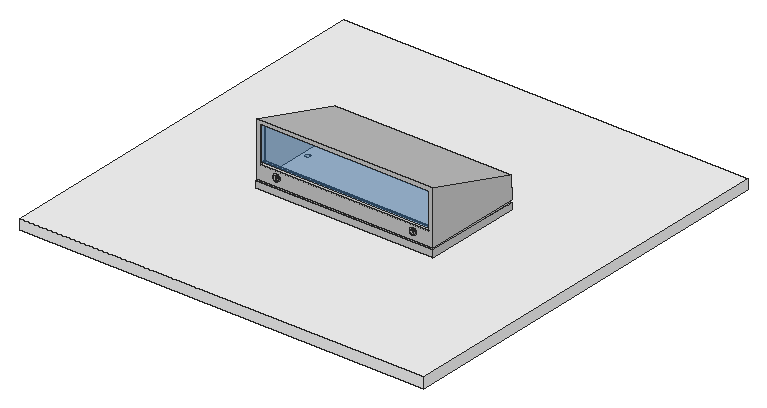
Revit family "BE_22261_de_DE", category Leuchten, Revit 2020
Family settings
  Basisbauteil = Fläche
  Bemaßung runder Anschluss = Durchmesser verwenden
  Teiletyp = Normal
  Beim Laden mit Abzugskörper schneiden = Ja
  Lichtquelle = Ja
  Gemeinsam genutzt = Nein
  Raumberechnungspunkt = Ja
Parameters (values of type "BEGA_22261_Silber_K4")
  built-in parameter 1150104 = 12.387 (stored number, unit not read)
  Wattage = 4.2 W
  Default Elevation = 0 mm
  built-in parameter 1150113 = 1 (stored number, unit not read)
  built-in parameter 1114218 = 1 (stored number, unit not read)
  Umgebungstemperatur = "25 °C"
  URL = "https://www.bega.com/de/produkt/22261"
  Typenkommentare = "© 2022 BEGA. Wir behalten uns das Recht vor, technische Änderungen ohne vorherige Ankündigung vorzunehmen."  # constant formula
  Type Image = 22261.png
  built-in parameter 1150134 = 12
  built-in parameter 1150109 = 1 (stored number, unit not read)
  Strom = ""
  built-in parameter 1150110 = 1 (stored number, unit not read)
  Spannung = 239.996 V
  Sonderanfertigung = no
  Seriennummer [instance] = "Hier können Sie die eindeutige Seriennummer für das Facility Management eintragen."
  Schutzklasse = "I"
  Schutzart = "IP 64"
  Scheinlast = 0 VA
  Produktdatenblatt = "https://cdn.bega.com/bega/products/22261K3/current/documents/data-sheets/de"
  Oberflächentemperatur = ""
  Neigungswinkel = 0.00°
  Modell = "22261AK4"
  Material_10 = BEGA_Glas_matt
  Material_06 = BEGA_Oberfläche_Edelstahl_gebürstet
  Material_02 = BEGA_Oberfläche_Silber_matt
  Material_01 [instance] = BEGA_Oberfläche_Grafit_matt
  M_W = no
  M_G = no
  M_A = yes
  Logo = 0
  built-in parameter 1114217 = 1 (stored number, unit not read)
  built-in parameter 1150139 = (empty or 0)
  built-in parameter 1150105 = 44.562 (stored number, unit not read)
  built-in parameter 1150114 = 1 (stored number, unit not read)
  Lumens = 559.986 lm
  built-in parameter 1150115 = 1 (stored number, unit not read)
  Leuchtenlichtstrom = "443 lm"
  Leuchtenanzahl = ""
  Lebensdauerkriterien = "L70B50 @ 25 °C = 200000 h"
  Lastklassifizierung = Beleuchtung
  built-in parameter 1150112 = 1 (stored number, unit not read)
  Lampenlichtstrom = "700 lm"
  Lampe = "LED 4 W"
  LED_Modulbezeichnung = "2x LED-0234/840"
  built-in parameter 1150142 = (empty or 0)
  Hersteller = "BEGA"  # constant formula
  Halbstreuwinkel = ""
  Gewicht = "0.7 kg"
  Gebrauchslageneinschränkung [instance] = ""
  Frequenz = "0/50-60 Hz"
  Farbwiedergabeindex = "CRI > 80"
  Farbtemperaturverschiebung bei Dämpfen der Lampe = <Keine Auswahl>
  Farbtemperatur = "4000 K"
  Color Filter = 16777215
  built-in parameter 1150133 = 10 (stored number, unit not read)
  Energieeffizienzklasse = "LED A++ - A"
  built-in parameter 1150137 = (empty or 0)
  built-in parameter 1150132 = (empty or 0)
  ENEC = "ja"
  Datei für fotometrisches Netz = "BE_22261K4.IES"
  CE_Konformität = "ja"
  Bestellnummer = "22261AK4"
  Beschreibung_Sonderanfertigung = "Hier können Sie Informationen zur Sonderanfertigung eintragen."
  Beschreibung = "Wandleuchte"
  built-in parameter 1150106 = 0.44562 (stored number, unit not read)
  Befestigungsbohrung = "Ø 4,3 mm"
  Befestigungsabstand = "150 mm"
  Ballwurfsicher = ""
  BEGA_Intern_aus = yes
  BEGA_Intern_an = yes
  BEGA_Intern_Konstruktion = yes
  BEGA_Intern = yes
  BEGA_IES = yes
  BEGA_Dummy = no
  Anschlussleitung = ""
  Anschlussleistung [instance] = "5.2 W"
  built-in parameter 1150107 = 4000 (stored number, unit not read)
  built-in parameter 1150102 = (empty or 0)
  built-in parameter 1150138 = (empty or 0)
  Aktualisierung = "2022-05-18T04:00:07"
  Abstand_zur_angestrahlten_Fläche [instance] = ""
  AC/DC = "AC/DC"
Types (4, lengths in mm): name | built-in parameter 1150134 | Modell | M_G | M_A | Leuchtenlichtstrom | Lampenlichtstrom | LED_Modulbezeichnung | Farbtemperatur | Datei für fotometrisches Netz | Bestellnummer | built-in parameter 1150107
  BEGA_22261_Grafit_K4 | 12 | "22261K4" | yes | no | "443 lm" | "700 lm" | "2x LED-0234/840" | "4000 K" | "BE_22261K4.IES" | "22261K4" | 4000 (stored number, unit not read)
  BEGA_22261_Silber_K4 | 12 | "22261AK4" | no | yes | "443 lm" | "700 lm" | "2x LED-0234/840" | "4000 K" | "BE_22261K4.IES" | "22261AK4" | 4000 (stored number, unit not read)
  BEGA_22261_Silber_K3 | (empty or 0) | "22261AK3" | no | yes | "437 lm" | "690 lm" | "2x LED-0234/830" | "3000 K" | "BE_22261K3.IES" | "22261AK3" | 3000 (stored number, unit not read)
  BEGA_22261_Grafit_K3 | (empty or 0) | "22261K3" | yes | no | "437 lm" | "690 lm" | "2x LED-0234/830" | "3000 K" | "BE_22261K3.IES" | "22261K3" | 3000 (stored number, unit not read)
Reference planes
  plane 1 "Mitte (Vorne/Hinten)": y = 0
  plane 2: z = 0
  plane 3 "Mitte (Links/Rechts)": x = 0
  plane 4 "Links": x = -87.662
  plane 5 "Rechts": x = 87.662
  plane 6 "Unten": y = -48.412
  plane 7 "Oben": y = 48.412
  plane 8 "Vorne": z = 61.226
Forms (mm)
  Extrusion 1, solid, material "BEGA_Platte_Weiss"
    sketch origin (0, -1119.2, 0) x (1, 0, 0) y (0, 1, 0)
      loop
        line (-200, 1319.2) -> (-200, 919.2) -> (200, 919.2) -> (200, 1319.2) -> (-200, 1319.2)
    from 0 to -10
  Extrusion 2, solid, material "BEGA_Dummy_matt", visible <- "BEGA_Dummy"
    sketch origin (80.095, -76.023, 0) x (1, 0, 0) y (0, 1, 0)
      loop
        line (-167.758, 124.435) -> (-167.758, 27.611) -> (7.567, 27.611) -> (7.567, 124.435) -> (-167.758, 124.435)
    from 0 to 61.226
Dimensions and locks
  plane 1 "Mitte (Vorne/Hinten)" to Extrusion 1 = 200 mm
  aligned and locked: plane 2 to Extrusion 1
  aligned and locked: level to Extrusion 1
Nested families
  nested 1: "BE_22261" at (0, 0, 0) x (0, -1, 0) z (0, 0, 1), type "BE_22261"
Connectors
  electrical at (0, 0, 0), driven by "Lastklassifizierung", driven by "Spannung", driven by "Scheinlast"
    settings: index 1, voltage 239.996 V, apparent load 0 VA, apparent load phase1 0 VA, apparent load phase2 0 VA, apparent load phase3 0 VA, power factor 1, load classification "Beleuchtung", number of poles 1, system type 31, power factor state 1, is connector primary yes, connector utility no, sub classification motor no, connector description ""
Definition of nested family "BE_22261"
  Parameters (values of type "BE_22261")
    Default Elevation = 1 mm
    URL = "http://www.bega.de/de/produkt"
    Type Comments = "© 2015 BEGA. Wir behalten uns das Recht vor, technische Änderungen ohne vorherige Ankündigung vorzunehmen. "  # constant formula
    Type Image = (empty or 0)
    Material_17 = none
    Material_15 = none
    Material_11 = none
    Material_10 = none
    Material_09 = none
    Material_06 = none
    Material_03 = none
    Material_02 = none
    Material_01 = none
    M_W = yes
    M_G = yes
    M_A = yes
    Länge_Platte = 200 mm  # constant formula
    Höhe_Platte = -10 mm  # constant formula
    Manufacturer = "BEGA"  # constant formula
    Breite_Platte = 200 mm  # constant formula
  Reference planes
    plane 1 "Mitte (Oben/Unten)": y = 0
    plane 2: z = 0
    plane 3 "Mitte (Links/Rechts)": x = 0
    plane 4 "Vorne": z = 61.226
    plane 5 "Links": x = -48.412
    plane 6 "Oben": y = 87.662
    plane 7: x = 48.412
    plane 8: y = -87.662
  Forms (mm)
    Extrusion 1, solid, detail levels medium
      sketch origin (0, 0, 0) x (1, 0, 0) y (0, 1, 0)
        loop
          line (-100, 100) -> (-100, -100) -> (100, -100) -> (100, 100) -> (-100, 100)
      from 0 to -10 <- "Höhe_Platte"
    Sweep 2, solid, material <- "Material_01", visible <- "M_G", detail levels medium+fine
      path origin (0, 0, 0) x (1, 0, 0) y (0, 1, 0)
        loop
          line (48.412, -87.662) -> (48.412, 87.662) -> (-48.412, 87.662) -> (-48.412, -87.662) -> (48.412, -87.662)
      profile origin (48.412, 0, 0) x (-1, 0, 0) y (0, 0, 1)
        loop
          line (0, 0) -> (6.491, 0) -> (6.962, 9) -> (9.488, 9) -> (9.488, 11.3) -> (4.027, 11.3) -> (1.027, 8.3) -> (1.027, 6.2) -> (0.162, 6.2) -> (0, 0)
    Extrusion 3, solid, material <- "Material_01", visible <- "M_G", detail levels medium+fine
      sketch origin (0, 0, 0) x (1, 0, 0) y (0, 1, 0)
        loop
          line (-38.924, -78.174) -> (38.924, -78.174) -> (38.924, 78.174) -> (-38.924, 78.174) -> (-38.924, -78.174)
      from 9 to 11.3
    Extrusion 4, solid, material <- "Material_01", visible <- "M_G", detail levels medium+fine
      sketch origin (0, 0, 0) x (1, 0, 0) y (0, 0, 1)
        loop
          line (-47.855, 30.924) -> (-48.25, 8.3) -> (-47.385, 8.3) -> (-45.173, 10.512) -> (-44.533, 28.826) -> (43.75, 56.662) -> (43.75, 11.935) -> (47.385, 8.3) -> (48.25, 8.3) -> (48.25, 61.226) -> (-47.855, 30.924)
      from -87.503 to 87.478
    Extrusion 5, solid, material <- "Material_01", visible <- "M_G", detail levels medium+fine
      sketch origin (0, 0, 0) x (1, 0, 0) y (0, 0, 1)
        loop
          line (48.25, 61.226) -> (-47.855, 30.924) -> (-48.25, 8.3) -> (48.25, 8.3) -> (48.25, 61.226)
      from -87.503 to -82.402
    Extrusion 6, solid, material <- "Material_01", visible <- "M_G", detail levels medium+fine
      sketch origin (0, 0, 0) x (1, 0, 0) y (0, 0, -1)
        loop
          line (48.25, -61.226) -> (48.25, -8.3) -> (-48.25, -8.3) -> (-47.855, -30.924) -> (48.25, -61.226)
      from -87.478 to -81.946
    Extrusion 7, void
      sketch origin (0, 0, 0) x (1, 0, 0) y (0, 0, 1)
        loop
          line (48.25, 57.906) -> (43.75, 57.906) -> (43.75, 22.277) -> (48.25, 22.277) -> (48.25, 57.906)
      from -83.496 to 83.496
    Extrusion 8, solid, material <- "Material_10", detail levels medium+fine
      sketch origin (0, 0, 0) x (1, 0, 0) y (0, 0, 1)
        loop
          line (43.76, 57.192) -> (43.76, 23.392) -> (47.76, 23.392) -> (47.76, 57.192) -> (43.76, 57.192)
      from -82.953 to 82.759
    Revolve 9, solid, material <- "Material_06", detail levels fine
      sketch origin (0, -67.515, 0) x (1, 0, 0) y (0, 0, 1)
        loop
          line (47.496, 16.091) -> (47.496, 12.898) -> (48.75, 12.898) -> (48.75, 14.091) -> (49.55, 14.091) -> (49.55, 16.091) -> (47.496, 16.091)
        axis (49.55, 16.091) -> (47.496, 16.091)
      angle from 0 to 360
    Revolve 10, solid, material <- "Material_06", detail levels fine
      sketch origin (0, 67.515, 0) x (1, 0, 0) y (0, 0, -1)
        loop
          line (47.496, -16.091) -> (49.55, -16.091) -> (49.55, -14.091) -> (48.75, -14.091) -> (48.75, -12.898) -> (47.496, -12.898) -> (47.496, -16.091)
        axis (49.55, -16.091) -> (47.496, -16.091)
      angle from 0 to 360
    Sweep 11, solid, material <- "Material_02", visible <- "M_A", detail levels medium+fine
      path origin (0, 0, 0) x (1, 0, 0) y (0, 1, 0)
        loop
          line (48.412, -87.662) -> (48.412, 87.662) -> (-48.412, 87.662) -> (-48.412, -87.662) -> (48.412, -87.662)
      profile origin (48.412, 0, 0) x (-1, 0, 0) y (0, 0, 1)
        loop
          line (0, 0) -> (6.491, 0) -> (6.962, 9) -> (9.488, 9) -> (9.488, 11.3) -> (4.027, 11.3) -> (1.027, 8.3) -> (1.027, 6.2) -> (0.162, 6.2) -> (0, 0)
    Extrusion 12, solid, material <- "Material_02", visible <- "M_A", detail levels medium+fine
      sketch origin (0, 0, 0) x (1, 0, 0) y (0, 1, 0)
        loop
          line (-38.924, -78.174) -> (38.924, -78.174) -> (38.924, 78.174) -> (-38.924, 78.174) -> (-38.924, -78.174)
      from 9 to 11.3
    Extrusion 13, solid, material <- "Material_02", visible <- "M_A", detail levels medium+fine
      sketch origin (0, 0, 0) x (1, 0, 0) y (0, 0, 1)
        loop
          line (-47.855, 30.924) -> (-48.25, 8.3) -> (-47.385, 8.3) -> (-45.173, 10.512) -> (-44.533, 28.826) -> (43.75, 56.662) -> (43.75, 11.935) -> (47.385, 8.3) -> (48.25, 8.3) -> (48.25, 61.226) -> (-47.855, 30.924)
      from -87.503 to 87.478
    Extrusion 14, solid, material <- "Material_02", visible <- "M_A", detail levels medium+fine
      sketch origin (0, 0, 0) x (1, 0, 0) y (0, 0, 1)
        loop
          line (48.25, 61.226) -> (-47.855, 30.924) -> (-48.25, 8.3) -> (48.25, 8.3) -> (48.25, 61.226)
      from -87.503 to -82.402
    Extrusion 15, solid, material <- "Material_02", visible <- "M_A", detail levels medium+fine
      sketch origin (0, 0, 0) x (1, 0, 0) y (0, 0, -1)
        loop
          line (48.25, -61.226) -> (48.25, -8.3) -> (-48.25, -8.3) -> (-47.855, -30.924) -> (48.25, -61.226)
      from -87.478 to -81.946
    Extrusion 16, void
      sketch origin (0, 0, 0) x (1, 0, 0) y (0, 1, 0)
        loop
          circle (0, -75) r 2.163
        loop
          circle (0, 75) r 2.163
        loop
          circle (-27.65, 25) r 8.5
        loop
          circle (-27.65, 50) r 8.5
      from 0 to 16.091
    Extrusion 17, void
      sketch origin (0, 0, 0) x (0, 1, 0) y (0, 0, 1)
        loop
          line (-87.478, 8.3) -> (-86.522, 63.088) -> (-87.478, 63.088) -> (-87.478, 8.3)
        loop
          line (87.503, 8.3) -> (87.503, 63.088) -> (86.547, 63.088) -> (87.503, 8.3)
      from -50.647 to 52.023
  Cuts and joins
    Extrusion 16 cuts Sweep 2
    Extrusion 16 cuts Extrusion 3
    joined: Sweep 2, Extrusion 3
    Extrusion 7, Extrusion 16, Extrusion 17 cuts Extrusion 4
    Extrusion 7, Extrusion 16, Extrusion 17 cuts Extrusion 5
    Extrusion 7, Extrusion 16, Extrusion 17 cuts Extrusion 6
    joined: Extrusion 4, Extrusion 5, Extrusion 6
    Extrusion 16 cuts Sweep 11
    Extrusion 16 cuts Extrusion 12
    joined: Sweep 11, Extrusion 12
    Extrusion 7, Extrusion 16, Extrusion 17 cuts Extrusion 13
    Extrusion 7, Extrusion 16, Extrusion 17 cuts Extrusion 14
    Extrusion 7, Extrusion 16, Extrusion 17 cuts Extrusion 15
    joined: Extrusion 13, Extrusion 14, Extrusion 15
  Dimensions and locks
    equal spacing: Extrusion 1 sketch curve, plane 3 "Mitte (Links/Rechts)", Extrusion 1 sketch curve
    equal spacing: Extrusion 1 sketch curve, plane 1 "Mitte (Oben/Unten)", Extrusion 1 sketch curve
    "Länge_Platte": Extrusion 1 sketch curve to Extrusion 1 sketch curve
    "Breite_Platte": Extrusion 1 sketch curve to Extrusion 1 sketch curve
    aligned and locked: Extrusion 1 to plane 2
    aligned and locked: level to Extrusion 1
  Automatic sketch dimensions
    Sweep 2 sketch curve to plane 3 "Mitte (Links/Rechts)" = 48.412 mm
    plane 3 "Mitte (Links/Rechts)" to Sweep 2 sketch curve = 48.412 mm
    plane 1 "Mitte (Oben/Unten)" to Sweep 2 sketch curve = 87.662 mm
    Sweep 2 sketch curve to plane 1 "Mitte (Oben/Unten)" = 87.662 mm
    Sweep 2 sketch curve to level = 0 mm
    Sweep 2 sketch curve to profile plane = 0 mm
    Sweep 2 sketch curve to profile plane = 0.162 mm
    Sweep 2 sketch curve to profile plane = 1.027 mm
    Sweep 2 sketch curve to profile plane = 4.027 mm
    Sweep 2 sketch curve to profile plane = 6.491 mm
    Sweep 2 sketch curve to Sweep 2 sketch curve = 2.935 mm
    Sweep 2 sketch curve to Sweep 2 sketch curve = 2.526 mm
    level to Sweep 2 sketch curve = 6.2 mm
    Sweep 2 sketch curve to Sweep 2 sketch curve = 2.1 mm
    Sweep 2 sketch curve to Sweep 2 sketch curve = 0.7 mm
    Sweep 2 sketch curve to Sweep 2 sketch curve = 2.3 mm
    Extrusion 3 sketch curve to plane 3 "Mitte (Links/Rechts)" = 38.924 mm
    plane 3 "Mitte (Links/Rechts)" to Extrusion 3 sketch curve = 38.924 mm
    plane 1 "Mitte (Oben/Unten)" to Extrusion 3 sketch curve = 78.174 mm
    Extrusion 3 sketch curve to plane 1 "Mitte (Oben/Unten)" = 78.174 mm
    level to Extrusion 4 sketch curve = 8.3 mm  (x2)
    Extrusion 4 sketch curve to plane 3 "Mitte (Links/Rechts)" = 48.25 mm
    Extrusion 4 sketch curve to Extrusion 4 sketch curve = 0.395 mm
    Extrusion 4 sketch curve to Extrusion 4 sketch curve = 0.865 mm
    level to Extrusion 4 sketch curve = 10.512 mm
    Extrusion 4 sketch curve to Extrusion 4 sketch curve = 2.212 mm
    Extrusion 4 sketch curve to Extrusion 4 sketch curve = 3.322 mm
    level to Extrusion 4 sketch curve = 11.935 mm
    plane 3 "Mitte (Links/Rechts)" to Extrusion 4 sketch curve = 43.75 mm
    Extrusion 4 sketch curve to Extrusion 4 sketch curve = 3.635 mm
    Extrusion 4 sketch curve to Extrusion 4 sketch curve = 4.5 mm
    Extrusion 4 sketch curve to Extrusion 4 sketch curve = 18.314 mm
    Extrusion 4 sketch curve to Extrusion 4 sketch curve = 2.098 mm
    Extrusion 4 sketch curve to Extrusion 4 sketch curve = 44.726 mm
    Extrusion 4 sketch curve to Extrusion 4 sketch curve = 4.564 mm
    level to Extrusion 5 sketch curve = 8.3 mm
    Extrusion 5 sketch curve to plane 3 "Mitte (Links/Rechts)" = 48.25 mm
    Extrusion 5 sketch curve to Extrusion 5 sketch curve = 0.395 mm
    plane 3 "Mitte (Links/Rechts)" to Extrusion 5 sketch curve = 48.25 mm
    Extrusion 5 sketch curve to Extrusion 5 sketch curve = 22.625 mm
    Extrusion 5 sketch curve to Extrusion 5 sketch curve = 52.926 mm
    level to Extrusion 6 sketch curve = 8.3 mm
    Extrusion 6 sketch curve to plane 3 "Mitte (Links/Rechts)" = 48.25 mm
    Extrusion 6 sketch curve to Extrusion 6 sketch curve = 0.395 mm
    plane 3 "Mitte (Links/Rechts)" to Extrusion 6 sketch curve = 48.25 mm
    Extrusion 6 sketch curve to Extrusion 6 sketch curve = 22.625 mm
    Extrusion 6 sketch curve to Extrusion 6 sketch curve = 52.926 mm
    plane 3 "Mitte (Links/Rechts)" to Extrusion 7 sketch curve = 43.75 mm
    Extrusion 7 sketch curve to Extrusion 7 sketch curve = 4.5 mm
    level to Extrusion 7 sketch curve = 22.277 mm
    Extrusion 7 sketch curve to Extrusion 7 sketch curve = 35.63 mm
    plane 3 "Mitte (Links/Rechts)" to Extrusion 8 sketch curve = 43.76 mm
    Extrusion 8 sketch curve to Extrusion 8 sketch curve = 4 mm
    level to Extrusion 8 sketch curve = 23.392 mm
    Extrusion 8 sketch curve to Extrusion 8 sketch curve = 33.8 mm
    level to Revolve 9 sketch curve = 16.091 mm
    plane 3 "Mitte (Links/Rechts)" to Revolve 9 sketch curve = 47.496 mm
    Revolve 9 sketch curve to Revolve 9 sketch curve = 1.254 mm
    Revolve 9 sketch curve to Revolve 9 sketch curve = 0.8 mm
    Revolve 9 sketch curve to Revolve 9 sketch curve = 2 mm
    Revolve 9 sketch curve to Revolve 9 sketch curve = 1.193 mm
    Revolve 9 sketch curve to Revolve 9 sketch curve = 0 mm  (x3)
    level to Revolve 10 sketch curve = 16.091 mm
    plane 3 "Mitte (Links/Rechts)" to Revolve 10 sketch curve = 47.496 mm
    Revolve 10 sketch curve to Revolve 10 sketch curve = 1.254 mm
    Revolve 10 sketch curve to Revolve 10 sketch curve = 0.8 mm
    Revolve 10 sketch curve to Revolve 10 sketch curve = 2 mm
    Revolve 10 sketch curve to Revolve 10 sketch curve = 1.193 mm
    Revolve 10 sketch curve to Revolve 10 sketch curve = 0 mm  (x3)
    Sweep 11 sketch curve to plane 3 "Mitte (Links/Rechts)" = 48.412 mm
    plane 3 "Mitte (Links/Rechts)" to Sweep 11 sketch curve = 48.412 mm
    plane 1 "Mitte (Oben/Unten)" to Sweep 11 sketch curve = 87.662 mm
    Sweep 11 sketch curve to plane 1 "Mitte (Oben/Unten)" = 87.662 mm
    Sweep 11 sketch curve to level = 0 mm
    Sweep 11 sketch curve to profile plane = 0 mm
    Sweep 11 sketch curve to profile plane = 0.162 mm
    Sweep 11 sketch curve to profile plane = 1.027 mm
    Sweep 11 sketch curve to profile plane = 4.027 mm
    Sweep 11 sketch curve to profile plane = 6.491 mm
    Sweep 11 sketch curve to Sweep 11 sketch curve = 2.935 mm
    Sweep 11 sketch curve to Sweep 11 sketch curve = 2.526 mm
    level to Sweep 11 sketch curve = 6.2 mm
    Sweep 11 sketch curve to Sweep 11 sketch curve = 2.1 mm
    Sweep 11 sketch curve to Sweep 11 sketch curve = 0.7 mm
    Sweep 11 sketch curve to Sweep 11 sketch curve = 2.3 mm
    Extrusion 12 sketch curve to plane 3 "Mitte (Links/Rechts)" = 38.924 mm
    plane 3 "Mitte (Links/Rechts)" to Extrusion 12 sketch curve = 38.924 mm
    plane 1 "Mitte (Oben/Unten)" to Extrusion 12 sketch curve = 78.174 mm
    Extrusion 12 sketch curve to plane 1 "Mitte (Oben/Unten)" = 78.174 mm
    level to Extrusion 13 sketch curve = 8.3 mm  (x2)
    Extrusion 13 sketch curve to plane 3 "Mitte (Links/Rechts)" = 48.25 mm
    Extrusion 13 sketch curve to Extrusion 13 sketch curve = 0.395 mm
    Extrusion 13 sketch curve to Extrusion 13 sketch curve = 0.865 mm
    level to Extrusion 13 sketch curve = 10.512 mm
    Extrusion 13 sketch curve to Extrusion 13 sketch curve = 2.212 mm
    Extrusion 13 sketch curve to Extrusion 13 sketch curve = 3.322 mm
    level to Extrusion 13 sketch curve = 11.935 mm
    plane 3 "Mitte (Links/Rechts)" to Extrusion 13 sketch curve = 43.75 mm
    Extrusion 13 sketch curve to Extrusion 13 sketch curve = 3.635 mm
    Extrusion 13 sketch curve to Extrusion 13 sketch curve = 4.5 mm
    Extrusion 13 sketch curve to Extrusion 13 sketch curve = 18.314 mm
    Extrusion 13 sketch curve to Extrusion 13 sketch curve = 2.098 mm
    Extrusion 13 sketch curve to Extrusion 13 sketch curve = 44.726 mm
    Extrusion 13 sketch curve to Extrusion 13 sketch curve = 4.564 mm
    level to Extrusion 14 sketch curve = 8.3 mm
    Extrusion 14 sketch curve to plane 3 "Mitte (Links/Rechts)" = 48.25 mm
    Extrusion 14 sketch curve to Extrusion 14 sketch curve = 0.395 mm
    plane 3 "Mitte (Links/Rechts)" to Extrusion 14 sketch curve = 48.25 mm
    Extrusion 14 sketch curve to Extrusion 14 sketch curve = 22.625 mm
    Extrusion 14 sketch curve to Extrusion 14 sketch curve = 52.926 mm
    level to Extrusion 15 sketch curve = 8.3 mm
    Extrusion 15 sketch curve to plane 3 "Mitte (Links/Rechts)" = 48.25 mm
    Extrusion 15 sketch curve to Extrusion 15 sketch curve = 0.395 mm
    plane 3 "Mitte (Links/Rechts)" to Extrusion 15 sketch curve = 48.25 mm
    Extrusion 15 sketch curve to Extrusion 15 sketch curve = 22.625 mm
    Extrusion 15 sketch curve to Extrusion 15 sketch curve = 52.926 mm
    Extrusion 16 sketch curve to plane 3 "Mitte (Links/Rechts)" = 0 mm  (x2)
    Extrusion 16 sketch curve to plane 3 "Mitte (Links/Rechts)" = 27.65 mm
    Extrusion 16 sketch curve to Extrusion 16 sketch curve = 0 mm
    plane 1 "Mitte (Oben/Unten)" to Extrusion 16 sketch curve = 75 mm
    Extrusion 16 sketch curve to plane 1 "Mitte (Oben/Unten)" = 25 mm
    Extrusion 16 sketch curve to Extrusion 16 sketch curve = 25 mm  (x2)
    Extrusion 17 sketch curve to plane 8 = 0.184 mm
    Extrusion 17 sketch curve to Extrusion 17 sketch curve = 0.956 mm
    Extrusion 17 sketch curve to plane 6 "Oben" = 1.116 mm
    Extrusion 17 sketch curve to plane 6 "Oben" = 0.159 mm
    level to Extrusion 17 sketch curve = 8.3 mm  (x2)
    plane 4 "Vorne" to Extrusion 17 sketch curve = 1.861 mm  (x2)
    radius of Extrusion 16 sketch curve = 2.163 mm  (x2)
    radius of Extrusion 16 sketch curve = 8.5 mm  (x2)
